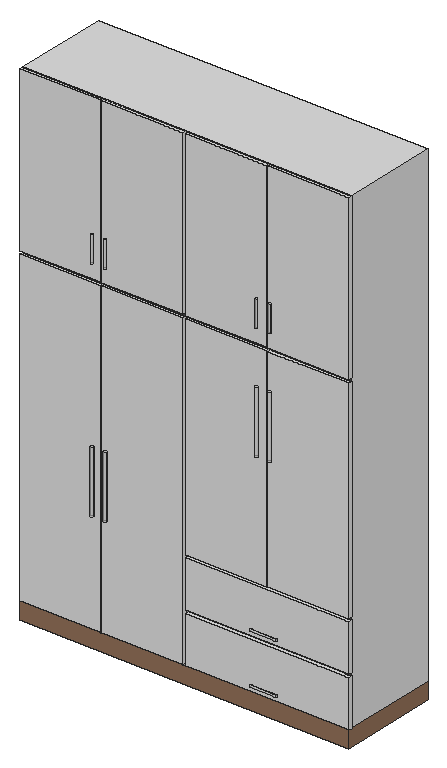
Revit family "WARDROBE 2", category Furniture, Revit 2023
Family settings
  Work Plane-Based = No
  Enable Cutting in Views = No
  Always vertical = Yes
  Cut with Voids When Loaded = No
  Render Appearance Source = Family Geometry
  Shared = No
  Room Calculation Point = No
Parameters
  Default Elevation = 0 mm
Reference planes
  plane 1 "Center (Front/Back)": y = 0
  plane 2: z = 0
  plane 3 "Center (Left/Right)": x = 0
Forms (mm)
  Extrusion 1, solid, material "Default"
    sketch origin (0, 0, 0) x (1, 0, 0) y (0, 0, 1)
      loop
        line (0, 0) -> (2000, 0) -> (2000, 100) -> (0, 100) -> (0, 0)
    from 0 to 600
  Extrusion 2, solid, material "BMCD2AR3\Bitmap Textures\Wood\WOOD_09\Normal"
    sketch origin (490, 0, 0) x (-1, 0, 0) y (0, 0, -1)
      loop
        line (0, -100) -> (0, -1990) -> (490, -1990) -> (490, -100) -> (0, -100)
    from 600 to 580
  Extrusion 3, solid, material "BMCD2AR3\Bitmap Textures\Wood\WOOD_09\Normal"
    sketch origin (990, 0, 0) x (-1, 0, 0) y (0, 0, -1)
      loop
        line (0, -2010) -> (0, -3000) -> (490, -3000) -> (490, -2010) -> (0, -2010)
    from 600 to 580
  Extrusion 4, solid, material "BMCD2AR3\Bitmap Textures\Wood\WOOD_09\Normal"
    sketch origin (5, 0, -1100) x (1, 0, 0) y (0, 0, 1)
      loop
        line (1005, 1485) -> (1005, 1200) -> (1995, 1200) -> (1995, 1485) -> (1005, 1485)
    from 600 to 580
  Extrusion 5, solid, material "BMCD2AR3\Bitmap Textures\Wood\WOOD_09\Normal"
    sketch origin (0, 0, 0) x (1, 0, 0) y (0, 0, 1)
      loop
        line (0, 100) -> (40, 100) -> (40, 2960) -> (1960, 2960) -> (1960, 100) -> (2000, 100) -> (2000, 3000) -> (0, 3000) -> (0, 100)
    from 0 to 580
  Extrusion 6, solid, material "Default Wall"
    sketch origin (0, 0, 0) x (1, 0, 0) y (0, 0, 1)
      loop
        line (40, 2960) -> (40, 100) -> (1960, 100) -> (1960, 2960) -> (40, 2960)
    from 0 to 20
  Extrusion 7, solid, material "Default Wall"
    sketch origin (-20, 0, 0) x (1, 0, 0) y (0, 0, 1)
      loop
        line (980, 2960) -> (980, 100) -> (1020, 100) -> (1020, 2960) -> (980, 2960)
    from 20 to 580
  Extrusion 8, solid, material "Default Wall"
    sketch origin (0, 0, 0) x (1, 0, 0) y (0, 0, 1)
      loop
        line (40, 2500) -> (960, 2500) -> (960, 2540) -> (40, 2540) -> (40, 2500)
    from 20 to 580
  Extrusion 9, solid, material "Default Wall"
    sketch origin (0, 0, -280) x (1, 0, 0) y (0, 0, 1)
      loop
        line (950, 2300) -> (950, 2260) -> (1960, 2260) -> (1960, 2300) -> (950, 2300)
    from 20 to 580
  Extrusion 10, solid, material "Default Wall"
    sketch origin (0, 0, -520) x (1, 0, 0) y (0, 0, 1)
      loop
        line (40, 2500) -> (1000, 2500) -> (1000, 2540) -> (40, 2540) -> (40, 2500)
    from 20 to 580
  Sweep 11, solid, material "Phase - Demo"
    path in 3D
      loop
        line (459.868, -600, 1113.202) -> (459.868, -600, 733.202)
    profile origin (459.868, -600, 923.202) x (0, -1, 0) y (1, 0, 0)
      loop
        circle (25, 0.132) r 10
  Sweep 12, solid, material "Phase - Demo"
    path in 3D
      loop
        line (540.132, -600, 1113.202) -> (540.132, -600, 733.202)
    profile origin (540.132, -600, 923.202) x (0, -1, 0) y (1, 0, 0)
      loop
        circle (25, -0.132) r 10
  Sweep 13, solid, material "Phase - Demo"
    path in 3D
      loop
        line (1459.868, -600, 1790) -> (1459.868, -600, 1410)
    profile origin (1459.868, -600, 1600) x (0, -1, 0) y (1, 0, 0)
      loop
        circle (25, 0.132) r 10
  Sweep 14, solid, material "Phase - Demo"
    path in 3D
      loop
        line (1540.132, -600, 1790) -> (1540.132, -600, 1410)
    profile origin (1540.132, -600, 1600) x (0, -1, 0) y (1, 0, 0)
      loop
        circle (25, -0.132) r 10
  Extrusion 15, solid, material "BMCD2AR3\Bitmap Textures\Wood\WOOD_09\Normal"
    sketch origin (0, 0, 0) x (1, 0, 0) y (0, 0, 1)
      loop
        line (0, 2010) -> (490, 2010) -> (490, 3000) -> (0, 3000) -> (0, 2010)
    from 600 to 580
  Extrusion 16, solid, material "BMCD2AR3\Bitmap Textures\Wood\WOOD_09\Normal"
    sketch origin (500, 0, 0) x (1, 0, 0) y (0, 0, 1)
      loop
        line (0, 100) -> (490, 100) -> (490, 1990) -> (0, 1990) -> (0, 100)
    from 600 to 580
  Extrusion 17, solid, material "BMCD2AR3\Bitmap Textures\Wood\WOOD_09\Normal"
    sketch origin (5, 0, -500) x (1, 0, 0) y (0, 0, 1)
      loop
        line (1005, 2490) -> (1005, 1205) -> (1495, 1205) -> (1495, 2490) -> (1005, 2490)
      loop
        line (1995, 2490) -> (1505, 2490) -> (1505, 1205) -> (1995, 1205) -> (1995, 2490)
    from 600 to 580
  Extrusion 18, solid, material "BMCD2AR3\Bitmap Textures\Wood\WOOD_09\Normal"
    sketch origin (1005, 0, 0) x (1, 0, 0) y (0, 0, 1)
      loop
        line (5, 2010) -> (495, 2010) -> (495, 3000) -> (5, 3000) -> (5, 2010)
    from 600 to 580
  Sweep 19, solid, material "Phase - Demo"
    path in 3D
      loop
        line (1539.507, -600, 2270) -> (1539.507, -600, 2110)
    profile origin (1539.507, -600, 2190) x (0, -1, 0) y (1, 0, 0)
      loop
        circle (24.999, 0.549) r 7.5
  Sweep 20, solid, material "Phase - Demo"
    path in 3D
      loop
        line (1460.493, -600, 2270) -> (1460.493, -600, 2110)
    profile origin (1460.493, -600, 2190) x (0, -1, 0) y (1, 0, 0)
      loop
        circle (24.999, -0.549) r 7.5
  Sweep 21, solid, material "Phase - Demo"
    path in 3D
      loop
        line (460.493, -600, 2270) -> (460.493, -600, 2110)
    profile origin (460.493, -600, 2190) x (0, -1, 0) y (1, 0, 0)
      loop
        circle (24.999, -0.549) r 7.5
  Sweep 22, solid, material "Phase - Demo"
    path in 3D
      loop
        line (539.507, -600, 2270) -> (539.507, -600, 2110)
    profile origin (539.507, -600, 2190) x (0, -1, 0) y (1, 0, 0)
      loop
        circle (24.999, 0.549) r 7.5
  Extrusion 23, solid, material "BMCD2AR3\Bitmap Textures\Wood\WOOD_09\Normal"
    sketch origin (1505, 0, 0) x (1, 0, 0) y (0, 0, 1)
      loop
        line (5, 2010) -> (495, 2010) -> (495, 3000) -> (5, 3000) -> (5, 2010)
    from 600 to 580
  Sweep 24, solid, material "Phase - Demo"
    path in 3D
      loop
        line (1581.95, -600, 450.814) -> (1421.95, -600, 450.814)
    profile origin (1501.95, -600, 450.814) x (0, 0, -1) y (0, -1, 0)
      loop
        circle (0.549, 24.999) r 7.5
  Sweep 25, solid, material "Phase - Demo"
    path in 3D
      loop
        line (1581.95, -600, 145.814) -> (1421.95, -600, 145.814)
    profile origin (1501.95, -600, 145.814) x (0, 0, -1) y (0, -1, 0)
      loop
        circle (0.549, 24.999) r 7.5
  Extrusion 26, solid, material "BMCD2AR3\Bitmap Textures\Wood\WOOD_09\Normal"
    sketch origin (5, 0, -795) x (1, 0, 0) y (0, 0, 1)
      loop
        line (1005, 1485) -> (1005, 1200) -> (1995, 1200) -> (1995, 1485) -> (1005, 1485)
    from 600 to 580
Lines and regions (mm)
  sketch lines
    curve 1: line (459.868, -600, 1113.202) -> (459.868, -600, 733.202)
    curve 2: line (540.132, -600, 1113.202) -> (540.132, -600, 733.202)
    curve 3: line (1459.868, -600, 1790) -> (1459.868, -600, 1410)
    curve 4: line (1540.132, -600, 1790) -> (1540.132, -600, 1410)
    curve 5: line (1539.507, -600, 2270) -> (1539.507, -600, 2110)
    curve 6: line (1460.493, -600, 2270) -> (1460.493, -600, 2110)
    curve 7: line (460.493, -600, 2270) -> (460.493, -600, 2110)
    curve 8: line (539.507, -600, 2270) -> (539.507, -600, 2110)
    curve 9: line (1581.95, -600, 450.814) -> (1421.95, -600, 450.814)
    curve 10: line (1581.95, -600, 145.814) -> (1421.95, -600, 145.814)
